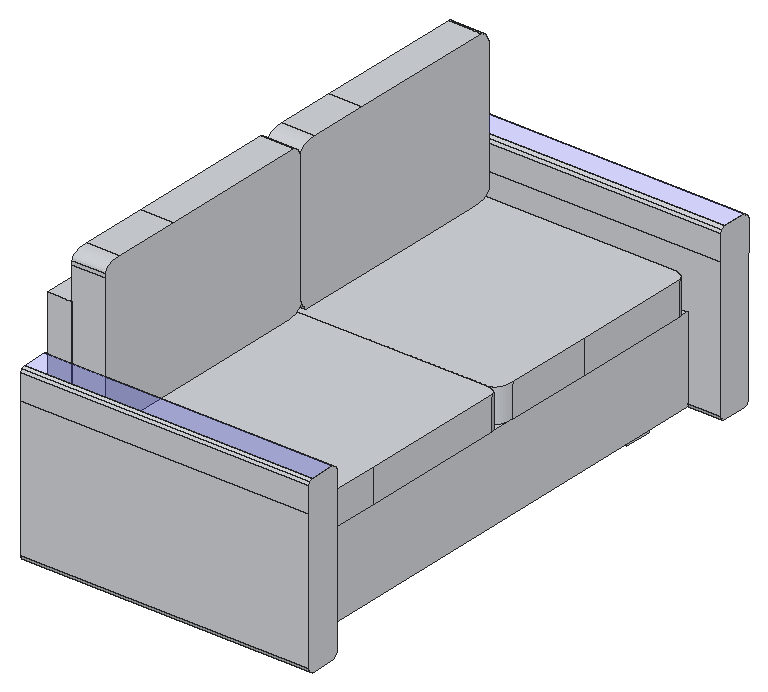
Revit family "chair_4874", category Осветительные приборы, Revit 2017
Family settings
  Размер круглого соединителя = Использовать диаметр
  Тип детали = Нормальный
  На основе рабочей плоскости = Нет
  Всегда вертикально = Да
  При загрузке вырезать с полостями = Нет
  Источник света = Да
  Общий = Нет
  Точка расчета площади = Нет
Parameters
  built-in parameter 1150104 = 13.8 (stored number, unit not read)
  built-in parameter 1150134 = 3
  built-in parameter 1150137 = (empty or 0)
  built-in parameter 1150132 = 2
  built-in parameter 1150114 = 1 (stored number, unit not read)
  Dimming Lamp Color Temperature Shift = (empty or 0)
  built-in parameter 1150105 = 143.24 (stored number, unit not read)
  Color Filter = 16777215
  Lumens = 1800 lm
  Light Source Symbol Size = 2' - 0"
  built-in parameter 1150109 = 1 (stored number, unit not read)
  built-in parameter 1150112 = 1 (stored number, unit not read)
  built-in parameter 1150110 = 1 (stored number, unit not read)
  built-in parameter 1150113 = 1 (stored number, unit not read)
  built-in parameter 1150115 = 1 (stored number, unit not read)
  built-in parameter 1114218 = 1 (stored number, unit not read)
  built-in parameter 1114217 = 1 (stored number, unit not read)
  built-in parameter 1150106 = 1.4324 (stored number, unit not read)
  built-in parameter 1150133 = 10 (stored number, unit not read)
  Wattage = 12.1178 W
  built-in parameter 1150139 = (empty or 0)
  built-in parameter 1150138 = (empty or 0)
  built-in parameter 1150107 = 3200 (stored number, unit not read)
  built-in parameter 1150102 = (empty or 0)
Reference planes (in)
  plane 1 "Light Source Axis (F/B)": y = 0
  plane 2: z = 0
  plane 3 "Light Source Axis (L/R)": x = 0
  plane 4 "Light Source Elevation": z = 54
Forms (in)
  Extrusion 1, solid
    sketch origin (0, 0, 0) x (1, 0, 0) y (0, 1, 0)
      loop
        line (-18.62161, 13.92477) -> (-18.62161, -18.07523) -> (17.37839, -18.07523) -> (17.37839, 49.92477) -> (-18.62161, 49.92477) -> (-18.62161, 13.92477)
    from 0 to 12
  Extrusion 2, solid
    sketch origin (0.5, 0, 0) x (1, 0, 0) y (0, 1, 0)
      loop
        line (-15.75796, -11.77574) -> (-15.75796, -14.77574) -> (-12.75796, -14.77574) -> (-12.75796, -11.77574) -> (-15.75796, -11.77574)
    from -3.04111 to 0
  Extrusion 3, solid
    sketch origin (26.5, 0, 0) x (1, 0, 0) y (0, 1, 0)
      loop
        line (-15.75796, -11.77574) -> (-15.75796, -14.77574) -> (-12.75796, -14.77574) -> (-12.75796, -11.77574) -> (-15.75796, -11.77574)
    from -3.04111 to 0
  Extrusion 4, solid
    sketch origin (0.5, 58, 0) x (1, 0, 0) y (0, 1, 0)
      loop
        line (-15.75796, -11.77574) -> (-15.75796, -14.77574) -> (-12.75796, -14.77574) -> (-12.75796, -11.77574) -> (-15.75796, -11.77574)
    from -3.04111 to 0
  Extrusion 5, solid
    sketch origin (26.5, 58, 0) x (1, 0, 0) y (0, 1, 0)
      loop
        line (-15.75796, -11.77574) -> (-15.75796, -14.77574) -> (-12.75796, -14.77574) -> (-12.75796, -11.77574) -> (-15.75796, -11.77574)
    from -3.04111 to 0
  Extrusion 6, solid
    sketch origin (0, 0.5, 0) x (0, 1, 0) y (0, 0, 1)
      loop
        line (-18.47603, 14.41606) -> (-18.47603, 23.41609) -> (-18.68734, 23.86924) -> (-19.12035, 24.11924) -> (-22.62035, 24.11924) -> (-23.12903, 23.88204) -> (-23.36258, 23.47752) -> (-23.36258, 19.99427) -> (-23.36258, 0.36924) -> (-23.15127, -0.08391) -> (-22.71826, -0.33391) -> (-19.21826, -0.33391) -> (-18.70958, -0.09671) -> (-18.47603, 0.30781) -> (-18.47603, 14.41606)
    from -18.62161 to 22.05642
  Extrusion 7, solid
    sketch origin (0, 73.03735, 0) x (0, 1, 0) y (0, 0, 1)
      loop
        line (-18.47603, 14.41606) -> (-18.47603, 23.41609) -> (-18.68734, 23.86924) -> (-19.12035, 24.11924) -> (-22.62035, 24.11924) -> (-23.12903, 23.88204) -> (-23.36258, 23.47752) -> (-23.36258, 19.99427) -> (-23.36258, 0.36924) -> (-23.15127, -0.08391) -> (-22.71826, -0.33391) -> (-19.21826, -0.33391) -> (-18.70958, -0.09671) -> (-18.47603, 0.30781) -> (-18.47603, 14.41606)
    from -18.62161 to 22.05642
  Extrusion 8, solid
    sketch origin (-0.30461, -0.13303, 0) x (1, 0, 0) y (0, 1, 0)
      loop
        line (-14.95334, 43.21015) -> (-14.95334, 17.88032)
        spline (-14.95334, 17.88032) -> (-14.93196, 17.71716) -> (-14.86816, 17.5568) -> (-14.76304, 17.40197) -> (-14.61841, 17.25532) -> (-14.43673, 17.11937) -> (-14.22111, 16.99644) -> (-13.97525, 16.88863) -> (-13.70334, 16.79779) -> (-13.41005, 16.72547) -> (-13.10039, 16.67291) -> (-12.77966, 16.64101) -> (-12.45334, 16.63032)
        line (-12.45334, 16.63032) -> (13.183, 16.63032) -> (16.433, 16.63032)
        spline (16.433, 16.63032) -> (16.59615, 16.65171) -> (16.75652, 16.71551) -> (16.91135, 16.82062) -> (17.058, 16.96526) -> (17.19395, 17.14694) -> (17.31688, 17.36255) -> (17.42469, 17.60842) -> (17.51553, 17.88032) -> (17.58785, 18.17361) -> (17.6404, 18.48327) -> (17.6723, 18.804) -> (17.683, 19.13032)
        line (17.683, 19.13032) -> (17.683, 31.53969) -> (17.683, 48.46015)
        spline (17.683, 48.46015) -> (17.66161, 48.62331) -> (17.59781, 48.78368) -> (17.4927, 48.93851) -> (17.34806, 49.08515) -> (17.16638, 49.2211) -> (16.95076, 49.34404) -> (16.7049, 49.45184) -> (16.433, 49.54268) -> (16.13971, 49.615) -> (15.83004, 49.66756) -> (15.50931, 49.69946) -> (15.183, 49.71015)
        line (15.183, 49.71015) -> (3.933, 49.71015) -> (-13.70334, 49.71015)
        spline (-13.70334, 49.71015) -> (-13.8665, 49.68876) -> (-14.02687, 49.62497) -> (-14.1817, 49.51985) -> (-14.32834, 49.37522) -> (-14.4643, 49.19354) -> (-14.58723, 48.97792) -> (-14.69504, 48.73206) -> (-14.78588, 48.46015) -> (-14.85819, 48.16686) -> (-14.91075, 47.8572) -> (-14.94265, 47.53647) -> (-14.95334, 47.21015)
        line (-14.95334, 47.21015) -> (-14.95334, 43.21015)
    from 12 to 16.66609
  Extrusion 9, solid
    sketch origin (-0.27525, -37.40518, 0) x (1, 0, 0) y (0, 1, 0)
      loop
        line (-14.9827, 43.21015) -> (-14.9827, 20.7323)
        spline (-14.9827, 20.7323) -> (-14.96132, 20.56914) -> (-14.89752, 20.40877) -> (-14.7924, 20.25394) -> (-14.64777, 20.1073) -> (-14.46609, 19.97135) -> (-14.25047, 19.84841) -> (-14.00461, 19.74061) -> (-13.7327, 19.64977) -> (-13.43941, 19.57745) -> (-13.12975, 19.52489) -> (-12.80902, 19.49299) -> (-12.4827, 19.4823)
        line (-12.4827, 19.4823) -> (13.183, 19.4823) -> (16.433, 19.4823)
        spline (16.433, 19.4823) -> (16.59615, 19.50369) -> (16.75652, 19.56748) -> (16.91135, 19.6726) -> (17.058, 19.81723) -> (17.19395, 19.99891) -> (17.31688, 20.21453) -> (17.42469, 20.46039) -> (17.51553, 20.7323) -> (17.58785, 21.02559) -> (17.6404, 21.33525) -> (17.6723, 21.65598) -> (17.683, 21.9823)
        line (17.683, 21.9823) -> (17.683, 31.53969) -> (17.683, 52.65247)
        spline (17.683, 52.65247) -> (17.66161, 52.81562) -> (17.59781, 52.97599) -> (17.4927, 53.13082) -> (17.34806, 53.27747) -> (17.16638, 53.41342) -> (16.95076, 53.53635) -> (16.7049, 53.64416) -> (16.433, 53.735) -> (16.13971, 53.80732) -> (15.83004, 53.85987) -> (15.50931, 53.89177) -> (15.183, 53.90247)
        line (15.183, 53.90247) -> (3.933, 53.90247) -> (-13.7327, 53.90247)
        spline (-13.7327, 53.90247) -> (-13.89586, 53.88108) -> (-14.05623, 53.81728) -> (-14.21106, 53.71216) -> (-14.3577, 53.56753) -> (-14.49366, 53.38585) -> (-14.61659, 53.17023) -> (-14.7244, 52.92437) -> (-14.81524, 52.65247) -> (-14.88755, 52.35917) -> (-14.94011, 52.04951) -> (-14.97201, 51.72878) -> (-14.9827, 51.40247)
        line (-14.9827, 51.40247) -> (-14.9827, 43.21015)
    from 12 to 16.66609
  Extrusion 10, solid
    sketch origin (0, 0, 0) x (1, 0, 0) y (0, 1, 0)
      loop
        line (-18.62161, 49.67477) -> (-18.62161, -17.97603) -> (-15.25796, -17.97603) -> (-15.25796, 49.67477) -> (-18.62161, 49.67477)
    from 12 to 31.54248
  Extrusion 11, solid
    sketch origin (1.40813, -37.40518, 22.92578) x (0, 0, 1) y (0, 1, 0)
      loop
        line (-6.27243, 43.21015) -> (-6.27243, 20.7323)
        spline (-6.27243, 20.7323) -> (-6.25104, 20.56914) -> (-6.18725, 20.40877) -> (-6.08213, 20.25394) -> (-5.9375, 20.1073) -> (-5.75582, 19.97135) -> (-5.5402, 19.84841) -> (-5.29434, 19.74061) -> (-5.02243, 19.64977) -> (-4.72914, 19.57745) -> (-4.41948, 19.52489) -> (-4.09875, 19.49299) -> (-3.77243, 19.4823)
        line (-3.77243, 19.4823) -> (13.183, 19.4823) -> (13.68091, 19.4823)
        spline (13.68091, 19.4823) -> (13.84407, 19.50369) -> (14.00443, 19.56748) -> (14.15926, 19.6726) -> (14.30591, 19.81723) -> (14.44186, 19.99891) -> (14.56479, 20.21453) -> (14.6726, 20.46039) -> (14.76344, 20.7323) -> (14.83576, 21.02559) -> (14.88832, 21.33525) -> (14.92022, 21.65598) -> (14.93091, 21.9823)
        line (14.93091, 21.9823) -> (14.93091, 31.53969) -> (14.93091, 52.65247)
        spline (14.93091, 52.65247) -> (14.90952, 52.81562) -> (14.84573, 52.97599) -> (14.74061, 53.13082) -> (14.59597, 53.27747) -> (14.41429, 53.41342) -> (14.19868, 53.53635) -> (13.95281, 53.64416) -> (13.68091, 53.735) -> (13.38762, 53.80732) -> (13.07796, 53.85987) -> (12.75723, 53.89177) -> (12.43091, 53.90247)
        line (12.43091, 53.90247) -> (3.933, 53.90247) -> (-5.02243, 53.90247)
        spline (-5.02243, 53.90247) -> (-5.18559, 53.88108) -> (-5.34596, 53.81728) -> (-5.50079, 53.71216) -> (-5.64743, 53.56753) -> (-5.78338, 53.38585) -> (-5.90632, 53.17023) -> (-6.01412, 52.92437) -> (-6.10496, 52.65247) -> (-6.17728, 52.35917) -> (-6.22984, 52.04951) -> (-6.26174, 51.72878) -> (-6.27243, 51.40247)
        line (-6.27243, 51.40247) -> (-6.27243, 43.21015)
    from 12 to 16.66609
  Extrusion 12, solid
    sketch origin (1.40813, -4.23501, 22.92578) x (0, 0, 1) y (0, 1, 0)
      loop
        line (-6.27243, 43.21015) -> (-6.27243, 21.9823)
        spline (-6.27243, 21.9823) -> (-6.25104, 21.81914) -> (-6.18725, 21.65877) -> (-6.08213, 21.50394) -> (-5.9375, 21.3573) -> (-5.75582, 21.22135) -> (-5.5402, 21.09841) -> (-5.29434, 20.99061) -> (-5.02243, 20.89977) -> (-4.72914, 20.82745) -> (-4.41948, 20.77489) -> (-4.09875, 20.74299) -> (-3.77243, 20.7323)
        line (-3.77243, 20.7323) -> (13.183, 20.7323) -> (13.68091, 20.7323)
        spline (13.68091, 20.7323) -> (13.84407, 20.75369) -> (14.00443, 20.81748) -> (14.15926, 20.9226) -> (14.30591, 21.06723) -> (14.44186, 21.24891) -> (14.56479, 21.46453) -> (14.6726, 21.71039) -> (14.76344, 21.9823) -> (14.83576, 22.27559) -> (14.88832, 22.58525) -> (14.92022, 22.90598) -> (14.93091, 23.2323)
        line (14.93091, 23.2323) -> (14.93091, 31.53969) -> (14.93091, 52.65247)
        spline (14.93091, 52.65247) -> (14.90952, 52.81562) -> (14.84573, 52.97599) -> (14.74061, 53.13082) -> (14.59597, 53.27747) -> (14.41429, 53.41342) -> (14.19868, 53.53635) -> (13.95281, 53.64416) -> (13.68091, 53.735) -> (13.38762, 53.80732) -> (13.07796, 53.85987) -> (12.75723, 53.89177) -> (12.43091, 53.90247)
        line (12.43091, 53.90247) -> (3.933, 53.90247) -> (-5.02243, 53.90247)
        spline (-5.02243, 53.90247) -> (-5.18559, 53.88108) -> (-5.34596, 53.81728) -> (-5.50079, 53.71216) -> (-5.64743, 53.56753) -> (-5.78338, 53.38585) -> (-5.90632, 53.17023) -> (-6.01412, 52.92437) -> (-6.10496, 52.65247) -> (-6.17728, 52.35917) -> (-6.22984, 52.04951) -> (-6.26174, 51.72878) -> (-6.27243, 51.40247)
        line (-6.27243, 51.40247) -> (-6.27243, 43.21015)
    from 12 to 16.66609
  Extrusion 13, solid
    sketch origin (26.5, 0.125, 0) x (1, 0, 0) y (0, 1, 0)
      loop
        line (-16.35463, -11.3711) -> (-16.35463, -15.27574) -> (-12.25796, -15.27574) -> (-12.25796, -11.3711) -> (-16.35463, -11.3711)
    from -3.04111 to -2.48599
  Extrusion 14, solid
    sketch origin (0.40332, 0.02964, 0) x (1, 0, 0) y (0, 1, 0)
      loop
        line (-16.35463, -11.3711) -> (-16.35463, -15.27574) -> (-12.25796, -15.27574) -> (-12.25796, -11.3711) -> (-16.35463, -11.3711)
    from -3.04111 to -2.48599
  Extrusion 15, solid
    sketch origin (26.5, 58.125, 0) x (1, 0, 0) y (0, 1, 0)
      loop
        line (-16.35463, -11.3711) -> (-16.35463, -15.27574) -> (-12.25796, -15.27574) -> (-12.25796, -11.3711) -> (-16.35463, -11.3711)
    from -3.04111 to -2.48599
  Extrusion 16, solid
    sketch origin (0.40332, 58.02964, 0) x (1, 0, 0) y (0, 1, 0)
      loop
        line (-16.35463, -11.3711) -> (-16.35463, -15.27574) -> (-12.25796, -15.27574) -> (-12.25796, -11.3711) -> (-16.35463, -11.3711)
    from -3.04111 to -2.48599
Dimensions and locks (in)
  Extrusion 1 to Extrusion 8 = 3' - 0"
  aligned and locked: Extrusion 8 sketch curve to Extrusion 8 sketch curve
  aligned and locked: Extrusion 9 sketch curve to Extrusion 9 sketch curve
  aligned and locked: Extrusion 11 sketch curve to Extrusion 11 sketch curve
  aligned and locked: Extrusion 12 sketch curve to Extrusion 12 sketch curve
  aligned and locked: plane 3 "Light Source Axis (L/R)" to imposter light
  aligned and locked: plane 1 "Light Source Axis (F/B)" to imposter light
  aligned and locked: plane 4 "Light Source Elevation" to imposter light
